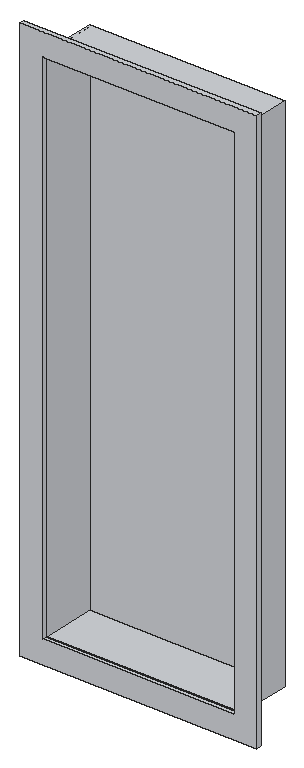
Revit family "Hager-VOLTA-Hollow_wall-Other-Without_Cover-Without_DIN-NoHosted-CH-en", category Electrical Equipment, Revit 2023
Family settings
  Panel Configuration = Two Columns, Circuits Across
  Round Connector Dimension = Use Diameter
  Part Type = Panelboard
  Work Plane-Based = Yes
  Always vertical = Yes
  Cut with Voids When Loaded = No
  Maintain Annotation Orientation = No
  Shared = No
  Room Calculation Point = No
Parameters (values of type "VOLTA-Hollow_wall_W348_H880_D98_12_Modular_Spacing-VH60NK")
  Width Control [instance] = if([HG000006-Flush mounted], if([EF000846 - Built-in width] > min_whd, [EF000846 - Built-in width], min_whd), if([EF000008 - Width] > min_whd, ([EF000008 - Width]), min_whd))  # 314 mm
  Void Depth [instance] = if([EF000218 - Built-in depth] > 1 mm, [EF000218 - Built-in depth], 1 mm)  # 90 mm
  Uniformat code = "D501001"
  Uniformat = "Low Tension Service & Dist."
  Référence = ""
  HG000131 - Functional label [instance] = ""
  HG000130 - Functional name [instance] = ""
  HG000099-Onfly Template ID = "507532"
  HG000059-Operating voltage [instance] = 230 V
  ETIM class name = "Small distribution board"
  ETIM class code = "EC000214"
  EF015941 - Signal passing door = no
  EF015777 - Neutral terminal block = no
  EF015776 - Earthing terminal block = no
  EF009212 - Cover model = ""
  EF006306 - With lock = no
  EF006244 - Transparent cover/door = no
  EF005474 - Degree of protection (IP) = "Other"
  EF004462 - Type of closure = "Other"
  EF002950 - Width in number of modular spacings = 12
  EF001596 - Housing material = ""
  EF001134 - DIN-rail = no
  EF001131 - Inner depth = 0 mm
  EF001088 - Extension possible = yes
  EF001062 - EMC-version = no
  EF000846 - Built-in width = 314 mm
  EF000339 - Type of covering = ""
  EF000332 - Built-in height = 846 mm
  EF000266 - Number of rows = 5
  EF000218 - Built-in depth = 90 mm
  EF000118 - With mounting plate = no
  EF000116 - RAL-number = 9010
  EF000049 - Depth = 98 mm
  EF000040 - Height = 880 mm
  EF000008 - Width = 348 mm
  EF000007 - Colour = "White"
  EF000003 - Mounting method = "Hollow wall"
  EF004464 - Type of door = ""
  EF000024 - UV resistant = no
  Type Comments = ""
  System Height [instance] = Height Control - 2 * [HG000005-Thickness]  # 842 mm
  Reference description = ""
  Reference = "VOLTA-Hollow_wall_W348_H880_D98_12_Modular_Spacing-VH60NK"
  Panel Name [instance] = ""  # (empty or 0)
  Offset [instance] = 0 mm
  Object type = ""
  Name hager = "ADD_Enclosures_EC000214"
  Name BIM&CO = "Electricity"
  Name = "VOLTA-Hollow_wall-Other-Without_Cover-Without_DIN-CH"
  Model = ""
  Level Offset [instance] = [Flush Mounted - Door Frame Width] + Offset  # 34 mm
  HGEF002950-Width in number of modular spacings = 12
  HGEF000266-Number of rows = 5
  HG000060-RAL-number = "9010"
  HG000017-Distance between poles = 18 mm
  HG000016-Door 3D visibility = yes
  HG000015-Clearance visibility = yes
  HG000014-Door on the right = yes
  HG000013-Door on the left = not([HG000014-Door on the right])  # no
  HG000012-Door swing angle = 90.00°
  HG000011-Empty rows from bottom = no
  HG000010-Asymmetric doors = no
  HG000009-Double swing door = no
  HG000008-Number of empty rows = 0
  HG000007-Number of empty columns = 0
  HG000006-Flush mounted = yes
  HG000005-Thickness = 2 mm
  HG000004-Manufacturer reference = "VH60NK"
  HG000003-Range = "VOLTA"
  HG000002-With door or cover = no
  HG000001-Number of columns = 0
  GTIN (Global Trade Item Number) = ""
  Description = ""
  Default Elevation = 1200 mm
  Creation Date = "12/15/2025 21:43:36"
  Code hager = "ADD-EC000214_EU"
  Code Uniformat = ""
  BIM&CO code = ""
  BC_VARIANT_ID = "1174143"
  BC_OBJECT_VERSION = "#9"  # constant formula
  BC_OBJECT_ID = "513470"  # constant formula
  BC_MODEL_ID = "1547119"  # constant formula
  BC_METADATA = "{\"ObjectGuid\":\"bc35c96e-cb38-443e-833d-0616858cb9ac\",\"ModelGuid\":\"8af03f69-2293-4735-a617-cc53adf55621\",\"VariantGuid\":\"8b6e323b-1b53-409a-a940-11b5a7fc5337\",\"Revision\":\"#4\",\"VariantName\":\"Template-Enclosure_EU-EC000214\"}"
  Arrow Offset [instance] = Depth Control / 8  # 11.25 mm
  Arrow Height [instance] = Depth Control - Arrow Offset  # 78.75 mm
  Host Offset [instance] = if([HG000006-Flush mounted], 0 mm, [EF000049 - Depth])  # 0 mm
  min_whd [instance] = (2 * [HG000005-Thickness]) + 1 mm  # 5 mm
  Manufacturer = "Hager"  # constant formula
  Height Control [instance] = if([HG000006-Flush mounted], if([EF000332 - Built-in height] > min_whd, [EF000332 - Built-in height], min_whd), if([EF000040 - Height] > min_whd, ([EF000040 - Height]), min_whd))  # 846 mm
  Flush Mounted - Door Frame Width [instance] = if(([EF000040 - Height] - [EF000332 - Built-in height]) > 0 mm, if([HG000006-Flush mounted], [EF000040 - Height] - [EF000332 - Built-in height], 0 mm), 0 mm)  # 34 mm
  Depth Control [instance] = if([HG000006-Flush mounted], if([EF000218 - Built-in depth] > 0 mm, [EF000218 - Built-in depth], 1 mm), if([EF000049 - Depth] > 0 mm, ([EF000049 - Depth]), 1 mm))  # 90 mm
Types (5, lengths in mm): name | EF009212 - Cover model | EF004462 - Type of closure | EF001062 - EMC-version | EF000332 - Built-in height | EF000266 - Number of rows | EF000049 - Depth | EF000040 - Height | EF000008 - Width | System Height | Reference | Level Offset | HGEF000266-Number of rows | HG000004-Manufacturer reference | BC_VARIANT_ID | Height Control | Flush Mounted - Door Frame Width
  VOLTA-Hollow_wall_W330_H355_D94_12_Modular_Spacing-VH12NK | "Closed" | "" | yes | 346 | 1 | 94 | 355 | 330 | 342 | "VOLTA-Hollow_wall_W330_H355_D94_12_Modular_Spacing-VH12NK" | 9 | 1 | "VH12NK" | "1174126" | 346 | 9
  VOLTA-Hollow_wall_W348_H505_D98_12_Modular_Spacing-VH24NK | "" | "Other" | no | 471 | 2 | 98 | 505 | 348 | 467 | "VOLTA-Hollow_wall_W348_H505_D98_12_Modular_Spacing-VH24NK" | 34 | 2 | "VH24NK" | "1174131" | 471 | 34
  VOLTA-Hollow_wall_W348_H630_D98_12_Modular_Spacing-VH36NK | "" | "Other" | no | 596 | 3 | 98 | 630 | 348 | 592 | "VOLTA-Hollow_wall_W348_H630_D98_12_Modular_Spacing-VH36NK" | 34 | 3 | "VH36NK" | "1174136" | 596 | 34
  VOLTA-Hollow_wall_W348_H755_D98_12_Modular_Spacing-VH48NK | "" | "Other" | no | 721 | 4 | 98 | 755 | 348 | 717 | "VOLTA-Hollow_wall_W348_H755_D98_12_Modular_Spacing-VH48NK" | 34 | 4 | "VH48NK" | "1174140" | 721 | 34
  VOLTA-Hollow_wall_W348_H880_D98_12_Modular_Spacing-VH60NK | "" | "Other" | no | 846 | 5 | 98 | 880 | 348 | 842 | "VOLTA-Hollow_wall_W348_H880_D98_12_Modular_Spacing-VH60NK" | 34 | 5 | "VH60NK" | "1174143" | 846 | 34
Reference planes
  plane 1 "Center (Front/Back)": y = 0
  plane 2: z = 0
  plane 3 "Center (Left/Right)": x = 0
  plane 4: y = 36
  plane 5: y = 90
  plane 6: y = 34
  plane 7: z = 0
  plane 8: x = -157
  plane 9: x = 157
  plane 10: x = 155
  plane 11: x = -155
  plane 12: z = 34
  plane 13: z = 36
  plane 14: y = 5
  plane 15: y = 0
  plane 16: y = 88
  plane 17: z = 878
  plane 18: z = 880
  plane 19: z = 457
  plane 20: x = 0
  plane 21: y = -100
  plane 22 "Annotation H": y = -300
  plane 23 "Annotation V": x = 357
Forms (mm)
  Extrusion 1, solid
    sketch origin (-208.679, -4572, 34) x (-1, 0, 0) y (0, -1, 0)
      loop
        line (-51.679, -4572) -> (-365.679, -4572) -> (-365.679, -4662) -> (-51.679, -4662) -> (-51.679, -4572)
    from 0 to 846 <- "Height Control"
  Extrusion 2, void
    sketch origin (-350.771, 0, 1219.2) x (1, 0, 0) y (0, 0, 1)
      loop
        line (195.771, -341.2) -> (195.771, -1183.2) -> (505.771, -1183.2) -> (505.771, -341.2) -> (195.771, -341.2)
    from 0 to -88
  Extrusion 3, solid, detail levels coarse+medium
    sketch origin (-350.771, 0, 1219.2) x (-1, 0, 0) y (0, 0, 1)
      loop
        line (-195.771, -341.2) -> (-505.771, -341.2) -> (-505.771, -1183.2) -> (-195.771, -1183.2) -> (-195.771, -341.2)
    from 0 to 2 <- "HG000005-Thickness"
Cuts and joins
  Extrusion 2 cuts Extrusion 1
Dimensions and locks
  "Flush Mounted - Door Frame Width": plane 1 "Center (Front/Back)" to plane 6
  "HG000005-Thickness": plane 4 to plane 6
  "HG000005-Thickness": plane 8 to plane 11
  "HG000005-Thickness": plane 9 to plane 10
  equal spacing: plane 8, plane 3 "Center (Left/Right)", plane 9
  "Width Control": plane 8 to plane 9
  locked: plane 14 to plane 15 at 5
  "Host Offset": plane 1 "Center (Front/Back)" to plane 15
  "Depth Control": plane 5 to plane 15
  "HG000005-Thickness": plane 5 to plane 16
  "HG000005-Thickness": plane 13 to plane 12
  "Level Offset": plane 12 to level
  "HG000005-Thickness": plane 18 to plane 17
  "Height Control": plane 18 to plane 12
  "Arrow Offset": plane 5 to nested 4
  equal spacing: plane 18, plane 19, plane 12
  locked: connector elem to plane 19
  locked: connector elem to plane 3 "Center (Left/Right)"
  Extrusion 2 sketch curve to Extrusion 2 sketch curve to plane 9 = 310 mm, 2 mm
  locked: plane 9 to plane 23 "Annotation V" at 200
  locked: plane 22 "Annotation H" to plane 1 "Center (Front/Back)" at 300
  aligned and locked: nested 1 to plane 14
  aligned and locked: plane 3 "Center (Left/Right)" to nested 1
  aligned and locked: plane 3 "Center (Left/Right)" to nested 2
  aligned and locked: nested 2 to plane 15
  aligned and locked: plane 5 to Extrusion 1
  aligned and locked: Extrusion 3 sketch curve to plane 17
  aligned and locked: Extrusion 3 sketch curve to plane 11
  aligned and locked: plane 13 to Extrusion 3 sketch curve
  aligned and locked: Extrusion 3 sketch curve to plane 10
  aligned and locked: plane 13 to Extrusion 2 sketch curve
  aligned and locked: Extrusion 2 sketch curve to plane 17
  aligned and locked: plane 16 to Extrusion 2
  aligned and locked: plane 5 to Extrusion 1 sketch curve
  aligned and locked: plane 9 to Extrusion 1 sketch curve
  aligned and locked: plane 8 to Extrusion 1 sketch curve
  aligned and locked: plane 8 to nested 4
  aligned and locked: plane 8 to nested 3
  aligned and locked: nested 3 to plane 5
  aligned and locked: Extrusion 1 sketch curve to plane 15
  aligned and locked: Extrusion 2 to plane 15
  aligned and locked: nested 5 to plane 22 "Annotation H"
  aligned and locked: plane 23 "Annotation V" to nested 5
  aligned and locked: plane 11 to Extrusion 2
  aligned and locked: plane 10 to Extrusion 2
Nested families
  nested 1: "Hager_Enclosure_System" at (0, 5, 36), Flush_Mounted <- "HG000006-Flush mounted", Height <- "System Height", Width_Control <- "Width Control", Row_Module_Multiplicator <- "HGEF002950-Width in number of modular spacings", Empty_Columns <- "HG000007-Number of empty columns", Border <- "HG000005-Thickness", Total_No_Empty_Rows <- "HG000008-Number of empty rows", Depth <- "HG000005-Thickness", Empty_Rows_From_Bottom <- "HG000011-Empty rows from bottom", Distance_Between_Poles <- "HG000017-Distance between poles", Rows_Count <- "HGEF000266-Number of rows", Columns_Count <- "HG000001-Number of columns", Built-in_Width <- "EF000846 - Built-in width", Width <- "EF000008 - Width", type "Hager_Enclosure_System", detail levels medium+fine
    with Width_Control 314 mm, Width 348 mm, Total_No_Rows 5, Total_No_Empty_Rows 0, Total_No_Columns 1, System_Width 310 mm, Rows_Count 5, Rows_Column 5, Row_Module_Multiplicator 12, Panel_4 no, Panel_3 no, Panel_2 no, Panel_1 no, No_Panels_Ctrl 1, Hide_Columns yes, Height 842 mm, Flush_Mounted yes, Empty_Rows_From_Bottom no, Empty_Rows_Column 0, Empty_Columns 0, Empty column 4 0, Empty column 3 0, Empty column 2 0, Empty column 1 0, Distance_Between_Poles 18 mm, Depth 2 mm, Columns_Count 0, Column_Width 310 mm, Built-in_Width 314 mm, Border 2 mm
  nested 2: "Hager_Enclosure_Door" at (0, 0, 34), Double <- "HG000009-Double swing door", Height_Ctrl <- "Height Control", Angle <- "HG000012-Door swing angle", Door_Right <- "HG000014-Door on the right", Assymetrical <- "HG000010-Asymmetric doors", Flush_Mounted <- "HG000006-Flush mounted", Door <- "HG000002-With door or cover", Width_Ctrl <- "Width Control", 3d_Door <- "HG000016-Door 3D visibility", Border <- "HG000005-Thickness", Clearance <- "HG000015-Clearance visibility", Door_Left <- "HG000013-Door on the left", BuiltIn_Depth <- "EF000218 - Built-in depth", Depth <- "EF000049 - Depth", BuiltIn_Width <- "EF000846 - Built-in width", Height <- "EF000040 - Height", BuiltIn_Height <- "EF000332 - Built-in height", Width <- "EF000008 - Width", Transparent <- "EF006244 - Transparent cover/door", type "Hager_Enclosure_Door", detail levels medium+fine
    with min_wh 5 mm, Width_Ctrl 314 mm, Width 348 mm, Transparent_Door_No_Bottom_Border no, Transparent no, Leaf_Width 307 mm, Leaf_Tolerance 1.5 mm, Leaf_Height 839 mm, Leaf_2_Width 307 mm, Leaf_2_Offset 153.5 mm, Leaf_1_Width 307 mm, Leaf_1_Offset 153.5 mm, Height_Ctrl 846 mm, Height 880 mm, Frame_Width_Ctrl 34 mm, Frame_Width 34 mm, Frame_Internal_Offset 2 mm, Frame_Height_Ctrl 34 mm, Frame_Height 34 mm, Frame_Depth_Ctrl 8 mm, Frame_Depth 8 mm, Flush_Mounted yes, Double_Clearance_Ctrl no, Double no, Door_Right_Ctrl no, Door_Right yes, Door_Left_Ctrl no, Door_Left no, Door no, Depth 98 mm, Clearance_Depth 307 mm, Clearance_Ctrl yes, Clearance yes, BuiltIn_Width 314 mm, BuiltIn_Height 846 mm, BuiltIn_Depth 90 mm, Border 2 mm, Assymetrical no, Angle 90.00°, 3d_Door yes
  nested 3: "Hager_Enclosure_Symbol_Triangle" at (-157, 90, 0), Depth <- "Depth Control", Width <- "Width Control", type "Hager_Enclosure_Symbol_Triangle"
    with Width_Ctrl 314 mm, Width 314 mm, Depth_Ctrl 90 mm, Depth 90 mm
  nested 4: "Hager_Enclosure_Symbol_Arrow" at (-157, 78.75, 0), Height <- "Arrow Height", type "Hager_Enclosure_Symbol_Arrow"
    with Width_Inside 5.906 mm, Width 70.875 mm, Height_Ctrl 78.75 mm, Height 78.75 mm
  nested 5: "Hager_Annotation-HG000130" at (357, -300, 0), HG000130 - Functional name <- "HG000130 - Functional name", type "Hager_Annotation-HG000130"
    with HG000130 - Functional name ""
Connectors
  electrical at (0, 90, 457), driven by "HG000059-Operating voltage"
    settings: on plane 5, index 1, voltage 230 V, apparent load 0 VA, apparent load phase1 0 VA, apparent load phase2 0 VA, apparent load phase3 0 VA, power factor 1, load classification "Other", number of poles 1, system type 30, power factor state 1, is connector primary yes, connector utility no, sub classification motor no, connector description ""
Definition of nested family "Hager_Enclosure_Door"
  Parameters (values of type "Hager_Enclosure_Door")
    min_wh [instance] = (2 * Border) + 1 mm  # 11 mm
    Width_Ctrl [instance] = 400 mm
    Width [instance] = 500 mm
    Transparent_Door_No_Bottom_Border [instance] = no
    Transparent [instance] = yes
    Leaf_Width [instance] = if((Width_Ctrl - 2 * Border - 2 * Leaf_Tolerance) > 0 mm, (Width_Ctrl - 2 * Border - 2 * Leaf_Tolerance), min_wh)  # 387 mm
    Leaf_Tolerance [instance] = 1.5 mm  # constant formula
    Leaf_Height [instance] = if((Height_Ctrl - 2 * Border - 2 * Leaf_Tolerance) > 0 mm, (Height_Ctrl - 2 * Border - 2 * Leaf_Tolerance), min_wh)  # 387 mm
    Leaf_2_Width [instance] = if(and(and(Double, Assymetrical), Door_Left), (Leaf_Width / 3) - (Leaf_Tolerance / 2), if(and(and(Double, Assymetrical), Door_Right), (Leaf_Width / 3) * 2 - (Leaf_Tolerance / 2), if(and(Double, not(Assymetrical)), (Leaf_Width / 2) - Leaf_Tolerance, Leaf_Width)))  # 387 mm
    Leaf_2_Offset [instance] = if(and(Double, Assymetrical), Leaf_2_Width / 2, if(and(Double, not(Assymetrical)), Leaf_Width / 4, Leaf_Width / 2))  # 193.5 mm
    Leaf_1_Width [instance] = if(and(and(Double, Assymetrical), Door_Right), (Leaf_Width / 3) - (Leaf_Tolerance / 2), if(and(and(Double, Assymetrical), Door_Left), (Width / 3) * 2 - (Leaf_Tolerance / 2), if(and(Double, not(Assymetrical)), (Leaf_Width / 2) - Leaf_Tolerance, Leaf_Width)))  # 387 mm
    Leaf_1_Offset [instance] = if(and(Double, Assymetrical), Leaf_1_Width / 2, if(and(Double, not(Assymetrical)), Leaf_Width / 4, Leaf_Width / 2))  # 193.5 mm
    Height_Ctrl [instance] = 400 mm
    Height [instance] = 500 mm
    Frame_Width_Ctrl [instance] = if(Frame_Width > 0 mm, Frame_Width, 1 mm)  # 1 mm
    Frame_Width [instance] = Width - BuiltIn_Width  # 0 mm
    Frame_Internal_Offset [instance] = if(Flush_Mounted, Border, 0 mm)  # 5 mm
    Frame_Height_Ctrl [instance] = if(Frame_Height > 0 mm, Frame_Height, 1 mm)  # 1 mm
    Frame_Height [instance] = Height - BuiltIn_Height  # 0 mm
    Frame_Depth_Ctrl [instance] = if(Frame_Depth > 0 mm, Frame_Depth, 1 mm)  # 1 mm
    Frame_Depth [instance] = if(Depth - BuiltIn_Depth > 0 mm, if(Flush_Mounted, Depth - BuiltIn_Depth, 0 mm), 0 mm)  # 0 mm
    Flush_Mounted [instance] = yes
    Double_Clearance_Ctrl [instance] = and(Double, Clearance)  # no
    Double [instance] = no
    Door_Right_Ctrl [instance] = and(or(Door_Right, Double), Door)  # yes
    Door_Right [instance] = yes
    Door_Left_Ctrl [instance] = and(or(Door_Left, Double), Door)  # no
    Door_Left [instance] = no
    Door [instance] = yes
    Depth [instance] = 500 mm
    Default Elevation = 1219.2 mm
    Clearance_Material = none
    Clearance_Depth [instance] = if(Leaf_1_Width > Leaf_2_Width, Leaf_1_Width, Leaf_2_Width)  # 387 mm
    Clearance_Ctrl [instance] = and(not(Double), Clearance)  # yes
    Clearance [instance] = yes
    BuiltIn_Width [instance] = 500 mm
    BuiltIn_Height [instance] = 500 mm
    BuiltIn_Depth [instance] = 500 mm
    Border [instance] = 5 mm
    Assymetrical [instance] = yes
    Angle [instance] = 30.00°
    3d_Door [instance] = yes
  Reference planes
    plane 1 "Center (Front/Back)": y = 0
    plane 2 "Bottom": z = 0
    plane 3 "Center (Left/Right)": x = 0
    plane 4: z = 400
    plane 5: x = -200
    plane 6: x = 200
    plane 7: z = 395
    plane 8: x = -195
    plane 9: z = 5
    plane 10: x = 195
    plane 11: y = 0
    plane 12: z = 6.5
    plane 13: x = -582
    plane 14: y = -387
    plane 15: x = 582
    plane 16: x = 0
    plane 17: x = 0
    plane 18: x = -193.5
    plane 19: x = 193.5
    plane 20: z = 393.5
  Forms (mm)
    Extrusion 1, solid, visible <- "Flush_Mounted"
      sketch origin (0, 0, 0) x (1, 0, 0) y (0, 0, 1)
        loop
          line (195, 5) -> (195, 395) -> (-195, 395) -> (-195, 5) -> (195, 5)
        loop
          line (-201, 401) -> (-201, -1) -> (201, -1) -> (201, 401) -> (-201, 401)
      from 0 to 1 <- "Frame_Depth_Ctrl"
    Extrusion 2, solid, material <- "Clearance_Material", visible <- "Double_Clearance_Ctrl"
      sketch origin (1200, 0, 0) x (1, 0, 0) y (0, 0, -1)
        loop
          line (-1782, -393.5) -> (-618, -393.5) -> (-618, 0) -> (-1782, 0) -> (-1782, -393.5)
      from 0 to -387
  Dimensions and locks
    equal spacing: plane 5, plane 3 "Center (Left/Right)", plane 6
    "Width_Ctrl": plane 5 to plane 6
    "Border": plane 5 to plane 8
    "Border": plane 6 to plane 10
    "Border": plane 9 to level
    "Border": plane 4 to plane 7
    "Height_Ctrl": plane 4 to level
    "Leaf_Tolerance": plane 12 to plane 9
    "Frame_Depth": plane 11 to plane 1 "Center (Front/Back)"
    "Frame_Width_Ctrl": plane 5 to Extrusion 1 sketch curve
    "Frame_Width_Ctrl": plane 6 to Extrusion 1 sketch curve
    "Frame_Width_Ctrl": Extrusion 1 sketch curve to plane 4
    "Frame_Width_Ctrl": plane 2 "Bottom" to Extrusion 1 sketch curve
    "Leaf_1_Offset": plane 18 to plane 16
    "Leaf_2_Offset": plane 17 to plane 19
    "Leaf_1_Width": plane 13 to plane 8
    "Leaf_2_Width": plane 10 to plane 15
    "Clearance_Depth": plane 14 to plane 1 "Center (Front/Back)"
    "Leaf_Tolerance": plane 8 to plane 18
    "Leaf_Tolerance": plane 19 to plane 10
    "Leaf_Tolerance": plane 7 to plane 20
    "Frame_Internal_Offset": plane 5 to Extrusion 1 sketch curve
    "Frame_Internal_Offset": Extrusion 1 sketch curve to plane 2 "Bottom"
    "Frame_Internal_Offset": plane 6 to Extrusion 1 sketch curve
    "Frame_Internal_Offset": plane 4 to Extrusion 1 sketch curve
    aligned and locked: level to plane 2 "Bottom"
    aligned and locked: nested 1 to plane 16
    aligned and locked: nested 2 to plane 17
    aligned and locked: Extrusion 2 to plane 13
    aligned and locked: plane 15 to Extrusion 2
    aligned and locked: Extrusion 2 to plane 14
    aligned and locked: plane 12 to nested 1
    aligned and locked: nested 2 to plane 12
    aligned and locked: Extrusion 2 to plane 11
    aligned and locked: plane 20 to Extrusion 2
    aligned and locked: nested 2 to plane 11
    aligned and locked: nested 1 to plane 11
  Automatic sketch dimensions
    Extrusion 2 sketch curve to level = 0 mm
    plane 5 to Extrusion 2 sketch curve = 382 mm
    plane 6 to Extrusion 2 sketch curve = 382 mm
    Extrusion 2 sketch curve to plane 4 = 6.5 mm
  Nested families
    nested 1: "Hager_Enclosure_Door_Leaf" at (0, 0, 6.5), Width <- "Leaf_1_Width", visible <- "Door_Left_Ctrl", Leaf_Height <- "Leaf_Height", Angle <- "Angle", Depth <- "Border", 3d_Door <- "3d_Door", Transparent <- "Transparent", Clearance Material <- "Clearance_Material", Clearance <- "Clearance_Ctrl", Transparent_Door_No_Bottom_Border <- "Transparent_Door_No_Bottom_Border", type "Hager_Enclosure_Door_Leaf"
      with Width 387 mm, Transparent_Door_No_Bottom_Border no, Transparent_Door_Border_Bottom_Top 25 mm, Transparent_Door_Border 25 mm, Transparent_Ctrl yes, Transparent yes, Standard no, Leaf_Height 387 mm, Glass_Offset 1 mm, Depth 5 mm, Clearance Material none, Clearance yes, Angle_Ctrl 30.00°, Angle 30.00°, 3d_Door yes
    nested 2: "Hager_Enclosure_Door_Leaf" at (0, 0, 6.5) x (-1, 0, 0) z (0, 0, 1), Width <- "Leaf_2_Width", visible <- "Door_Right_Ctrl", Leaf_Height <- "Leaf_Height", Angle <- "Angle", Depth <- "Border", 3d_Door <- "3d_Door", Transparent <- "Transparent", Clearance Material <- "Clearance_Material", Clearance <- "Clearance_Ctrl", Transparent_Door_No_Bottom_Border <- "Transparent_Door_No_Bottom_Border", type "Hager_Enclosure_Door_Leaf"
      with Width 387 mm, Transparent_Door_No_Bottom_Border no, Transparent_Door_Border_Bottom_Top 25 mm, Transparent_Door_Border 25 mm, Transparent_Ctrl yes, Transparent yes, Standard no, Leaf_Height 387 mm, Glass_Offset 1 mm, Depth 5 mm, Clearance Material none, Clearance yes, Angle_Ctrl 30.00°, Angle 30.00°, 3d_Door yes
  Definition of nested family "Hager_Enclosure_Door_Leaf"
    Parameters (values of type "Hager_Enclosure_Door_Leaf")
      Width [instance] = 2000 mm
      Transparent_Door_No_Bottom_Border [instance] = yes
      Transparent_Door_Border_Bottom_Top [instance] = if(Transparent_Door_No_Bottom_Border, 0.1 mm, Transparent_Door_Border)  # 0.1 mm
      Transparent_Door_Border [instance] = if(Transparent_Door_No_Bottom_Border, (Width * 0.12), 25 mm)  # 240 mm
      Transparent_Ctrl [instance] = and(Transparent, [3d_Door])  # yes
      Transparent [instance] = yes
      Standard [instance] = and(not(Transparent), [3d_Door])  # no
      Leaf_Height [instance] = 2720.336 mm
      Glass_Offset [instance] = if((Depth - 10 mm) / 2 > 0 mm, (Depth - 10 mm) / 2, 1 mm)  # 15 mm
      Glass_Material = none
      Depth [instance] = 40 mm
      Default Elevation = 0 mm
      Clearance Material [instance] = none
      Clearance [instance] = yes
      Angle_Ctrl [instance] = if(Angle > 170.00°, 170.00°, Angle)  # 45.00°
      Angle [instance] = 45.00°
      3d_Door [instance] = yes
    Reference planes
      plane 1 "Center (Front/Back)": y = 0
      plane 2: z = 0
      plane 3 "Center (Left/Right)": x = 0
      plane 4: y = 2000
      plane 5: x = -1000
      plane 6: x = 1000
      plane 7: x = -3000
      plane 8: z = 2720.336
      plane 9: z = 0.1
      plane 10: z = 2720.236
      plane 11: x = 760
      plane 12: x = -760
    Forms (mm)
      Extrusion 1, solid, material <- "Clearance Material", visible <- "Clearance"
        sketch origin (0, 0, 0) x (1, 0, 0) y (0, 0, 1)
          loop
            line (-3000, 2720.336) -> (-3000, 0) -> (1000, 0) -> (1000, 2720.336) -> (-3000, 2720.336)
        from 0 to -2000
      Extrusion 2, solid, visible <- "Standard", detail levels medium+fine
        sketch origin (-1000, 0, 0) x (0.707107, 0.707107, 0) y (-0.707107, 0.707107, 0)
          loop
            line (0, -40) -> (2000, -40) -> (2000, 0) -> (0, 0) -> (0, -40)
        from 0 to 2720.336 <- "Leaf_Height"
      Extrusion 3, solid, visible <- "Transparent_Ctrl", detail levels medium+fine
        sketch origin (-1000, 0, 0) x (0.707107, 0.707107, 0) y (-0.707107, 0.707107, 0)
          loop
            line (0, -40) -> (2000, -40) -> (2000, 0) -> (0, 0) -> (0, -40)
        from 0 to 2720.336 <- "Leaf_Height"
      Extrusion 4, void, detail levels medium+fine
        sketch origin (-1000, 0, 0) x (-0.707107, 0.707107, 0) y (0.707107, 0.707107, 0)
          loop
            line (0, 240) -> (0, 1760) -> (-40, 1760) -> (-40, 240) -> (0, 240)
        from -2720.236 to -0.1
      Extrusion 5, solid, material <- "Glass_Material", visible <- "Transparent_Ctrl", detail levels medium+fine
        sketch origin (-1000, 0, 0) x (0.707107, 0.707107, 0) y (-0.707107, 0.707107, 0)
          loop
            line (240, -15) -> (240, -25) -> (1760, -25) -> (1760, -15) -> (240, -15)
        from 0.1 to 2720.236
    Cuts and joins
      Extrusion 4 cuts Extrusion 3
    Lines and regions (mm)
      symbolic lines
        curve 1: line (1000, 0, 0) -> (-3000, 0, 0)
        curve 2: arc (1000, 0, 0) -> (-1000, 2000, 0) -> (-3000, 0, 0) r 2000
        curve 4: line (-1000, 0, 0) -> (414.214, 1414.214, 0)
      reference lines
        curve 3: line (-1000, 0, 0) -> (414.214, 1414.214, 0)
      symbolic lines, detail levels medium+fine
        curve 5: line (414.214, 1414.214, 0) -> (442.498, 1385.929, 0)
        curve 6: line (442.498, 1385.929, 0) -> (-971.716, -28.284, 0)
        curve 7: line (-971.716, -28.284, 0) -> (-1000, 0, 0)
        curve 8: line (-1000, 0, 2720.336) -> (1000, 0, 2720.336)
        curve 9: line (-1000, 0, 0) -> (-1000, 0, 2720.336)
        curve 10: line (1000, 0, 0) -> (-1000, 0, 0)
        curve 11: line (1000, 0, 2720.336) -> (1000, 0, 0)
      symbolic lines, visible <- "Transparent_Ctrl", detail levels medium+fine
        curve 12: line (-760, 0, 2720.236) -> (760, 0, 2720.236)
        curve 13: line (-760, 0, 0.1) -> (-760, 0, 2720.236)
        curve 14: line (760, 0, 0.1) -> (-760, 0, 0.1)
        curve 15: line (760, 0, 2720.236) -> (760, 0, 0.1)
    Dimensions and locks
      "Width": plane 1 "Center (Front/Back)" to plane 4
      equal spacing: plane 5, plane 3 "Center (Left/Right)", plane 6
      "Width": plane 5 to plane 6
      "Width": plane 7 to plane 5
      "Leaf_Height": plane 8 to level
      "Depth": curve 6 to curve 3
      "Width": curve 5 to curve 3
      "Width": curve 3 to curve 3
      "Transparent_Door_Border": Extrusion 4 sketch curve to curve 7
      "Transparent_Door_Border": Extrusion 4 sketch curve to curve 5
      "Transparent_Door_Border_Bottom_Top": plane 8 to plane 10
      "Transparent_Door_Border_Bottom_Top": plane 9 to level
      "Glass_Offset": Extrusion 5 sketch curve to curve 4
      "Glass_Offset": Extrusion 5 sketch curve to curve 6
      "Transparent_Door_Border": Extrusion 5 sketch curve to curve 5
      "Transparent_Door_Border": Extrusion 5 sketch curve to curve 7
      "Transparent_Door_Border": plane 12 to plane 5
      "Transparent_Door_Border": plane 6 to plane 11
      "Angle_Ctrl": angle plane 1 "Center (Front/Back)" to curve 3
      aligned and locked: level to plane 2
      aligned and locked: Extrusion 1 to curve 1
      aligned and locked: plane 6 to Extrusion 1
      aligned and locked: Extrusion 1 to plane 1 "Center (Front/Back)"
      aligned and locked: plane 4 to Extrusion 1
      aligned and locked: plane 8 to Extrusion 1
      aligned and locked: curve 4 to curve 3
      aligned and locked: Extrusion 2 sketch curve to curve 7
      aligned and locked: Extrusion 2 sketch curve to curve 6
      aligned and locked: Extrusion 2 sketch curve to curve 5
      aligned and locked: Extrusion 2 sketch curve to curve 3
      aligned and locked: curve 7 to Extrusion 3 sketch curve
      aligned and locked: Extrusion 3 sketch curve to curve 4
      aligned and locked: Extrusion 3 sketch curve to curve 6
      aligned and locked: Extrusion 3 sketch curve to curve 5
      aligned and locked: curve 4 to Extrusion 4 sketch curve
      aligned and locked: curve 6 to Extrusion 4 sketch curve
      aligned and locked: Extrusion 4 to plane 9
      aligned and locked: Extrusion 4 to plane 10
      aligned and locked: Extrusion 5 to plane 9
      aligned and locked: Extrusion 5 to plane 10
      aligned and locked: curve 8 to plane 8
      aligned and locked: plane 5 to curve 9
      aligned and locked: plane 2 to curve 10
      aligned and locked: curve 11 to plane 6
      aligned and locked: plane 10 to curve 12
      aligned and locked: plane 12 to curve 13
      aligned and locked: curve 14 to plane 9
      aligned and locked: plane 11 to curve 15
    Automatic sketch dimensions
      plane 1 "Center (Front/Back)" to curve 2 = 0 mm
      curve 2 to plane 5 = 0 mm
      Extrusion 1 sketch curve to level = 0 mm
      Extrusion 1 sketch curve to plane 7 = 0 mm
      Extrusion 1 sketch curve to plane 6 = 0 mm
      Extrusion 1 sketch curve to plane 8 = 0 mm
      plane 1 "Center (Front/Back)" to curve 3 = 0 mm
      curve 3 to plane 5 = 0 mm
      curve 7 to curve 3 = 0 mm
Definition of nested family "Hager_Enclosure_Symbol_Triangle"
  Parameters (values of type "Hager_Enclosure_Symbol_Triangle")
    Width_Ctrl [instance] = if(Width > 1 mm, Width, 1 mm)  # 498 mm
    Width [instance] = 498 mm
    Depth_Ctrl [instance] = if(Depth > 1 mm, Depth, 1 mm)  # 72 mm
    Depth [instance] = 72 mm
  Reference planes
    plane 1 "Centre (avant/arrière)": y = 0
    plane 2: z = 0
    plane 3 "Centre (gauche/droite)": x = 0
  Lines and regions (mm)
    Filled region 1, type "Solid_Black", in view "Niveau de réf."
      outline origin (0, 0, 0) x (1, 0, 0) y (0, 1, 0)
        loop
          line (0, 0) -> (498, 0) -> (498, 72) -> (0, 0)
    reference lines, in view "Niveau de réf."
      curve 1: line (-206.153, 72, 0) -> (1083.258, 72, 0)
      curve 2: line (498, 405.456, 0) -> (498, -517.619, 0)
  Dimensions and locks
    "Depth_Ctrl": plane 1 "Centre (avant/arrière)" to curve 1
    "Width_Ctrl": plane 3 "Centre (gauche/droite)" to curve 2
    aligned and locked: curve 1 to Filled region 1 sketch curve
    aligned and locked: Filled region 1 sketch curve to plane 1 "Centre (avant/arrière)"
    aligned and locked: curve 2 to Filled region 1 sketch curve
    aligned and locked: plane 3 "Centre (gauche/droite)" to Filled region 1 sketch curve
    aligned and locked: plane 1 "Centre (avant/arrière)" to Filled region 1 sketch curve
  Automatic sketch dimensions
    curve 1 to plane 3 "Centre (gauche/droite)" = 206.153 mm
    curve 2 to curve 1 = 585.258 mm
    plane 1 "Centre (avant/arrière)" to curve 2 = 517.619 mm
    curve 2 to plane 1 "Centre (avant/arrière)" = 405.456 mm
Definition of nested family "Hager_Enclosure_Symbol_Arrow"
  Parameters (values of type "Hager_Enclosure_Symbol_Arrow")
    Width_Inside [instance] = if(Width / 12 > 2 mm, Width / 12, 2 mm)  # 4.987 mm
    Width [instance] = if(Height_Ctrl * 0.9 > 2 mm, Height_Ctrl * 0.9, 2 mm)  # 59.85 mm
    Height_Ctrl [instance] = if(Height > 2 mm, Height, 2 mm)  # 66.5 mm
    Height [instance] = 66.5 mm
  Reference planes
    plane 1 "Centre (avant/arrière)": y = 0
    plane 2: z = 0
    plane 3 "Centre (gauche/droite)": x = 0
    plane 4: x = 59.85
    plane 5: y = 28.263
    plane 6: y = 38.238
    plane 7: y = 66.5
    plane 8: x = 29.925
    plane 9: y = 33.25
  Lines and regions (mm)
    Filled region 1, type "Solid_Black", in view "Niveau de réf."
      outline origin (0, 0, 0) x (1, 0, 0) y (0, 1, 0)
        loop
          line (59.85, 66.5) -> (37.929, 52.827) -> (51.846, 41.935) -> (59.85, 66.5)
    detail lines, in view "Niveau de réf."
      curve 1: line (0, 0, 0) -> (29.925, 38.238, 0)
      curve 2: line (29.925, 38.238, 0) -> (29.925, 28.263, 0)
      curve 3: line (29.925, 28.263, 0) -> (59.85, 66.5, 0)
  Dimensions and locks
    "Width": plane 3 "Centre (gauche/droite)" to plane 4
    "Height_Ctrl": plane 7 to plane 1 "Centre (avant/arrière)"
    equal spacing: plane 3 "Centre (gauche/droite)", plane 8, plane 4
    equal spacing: plane 7, plane 9, plane 1 "Centre (avant/arrière)"
    equal spacing: plane 6, plane 9, plane 5
    "Width_Inside": plane 6 to plane 9
    equal spacing: curve 3, Filled region 1 sketch curve, Filled region 1 sketch curve
    angle Filled region 1 sketch curve to curve 3 = 20.00°
    angle curve 3 to Filled region 1 sketch curve = 20.00°
    locked: curve 3 to Filled region 1 sketch curve (angle 90.00°)
  Automatic sketch dimensions
    plane 1 "Centre (avant/arrière)" to curve 1 = 0 mm
    curve 1 to plane 3 "Centre (gauche/droite)" = 0 mm
    curve 2 to plane 6 = 0 mm
    curve 3 to plane 8 = 0 mm
    curve 3 to plane 4 = 0 mm
    curve 2 to plane 5 = 0 mm
    curve 3 to plane 7 = 0 mm
    Filled region 1 sketch curve to plane 4 = 0 mm
    Filled region 1 sketch curve to plane 7 = 0 mm
Definition of nested family "Hager_Annotation-HG000130"
  Parameters (values of type "Hager_Annotation-HG000130")
    HG000130 - Functional name [instance] = ""
  Reference planes
    plane 1: y = 0
    plane 2: x = 0
  Lines and regions (mm)
    detail lines
      curve 1: line (-27.5, 10, 0) -> (27.5, 10, 0)
      curve 2: line (-27.5, -10, 0) -> (-27.5, 10, 0)
      curve 3: line (27.5, -10, 0) -> (-27.5, -10, 0)
      curve 4: line (27.5, 10, 0) -> (27.5, -10, 0)
  Text (mm)
    label "HG000130 - Functional name" at (0.16, 0.026, 0), shows "HG000130 - Functional name"
